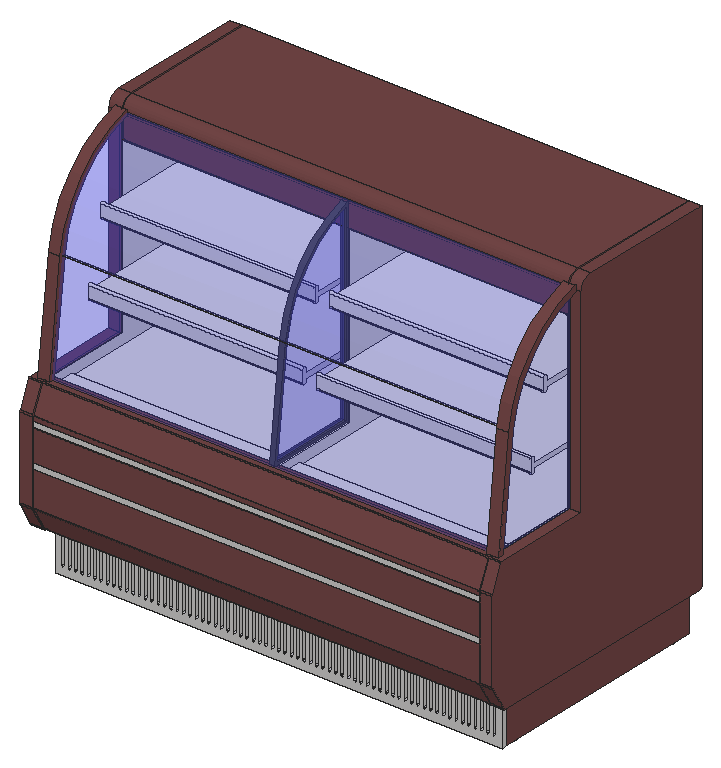
Revit family "QF_Turbo Air_TCGB-60-CO", category Specialty Equipment, Revit 2014
Parameters
  Weight in Pounds = 629
  Watermarked By = ""
  Volts = 115 V
  Vent Material = QF_Stainless-Polished
  URL Cutsheet = ""
  URL = "www.turboairinc.com"
  Status [instance] = ""
  Specification by User [instance] = ""
  Specification by Manufacturer [instance] = ""
  Serial Number [instance] = ""
  Revision Code [instance] = ""
  Phase = 1
  Number of Poles [instance] = 1
  NAFEM Spec ID Number [instance] = ""
  Model = "TCGB-60-CO"
  Masterspec [instance] = ""
  Manufacturer = "Turbo Air"  # constant formula
  Item Number [instance] = "-"
  Installed By [instance] = ""
  HP = "1/3"
  Furnished By [instance] = ""
  Foodservice Equipment Identifier = yes
  FL Amps = 6.5 A
  Exterior Material = QF_Plastic-Red Wine
  Electrical Remarks [instance] = ""
  Electric Connection Type [instance] = ""
  Elec Conn RI Height [instance] = 0' - 0"
  Elec Conn Connection Height = 0' - 6"
  Description = "Bakery Case"
  Cycle = 60 Hz
  Conn Plug = "NEMA 5-15P"
  CSI MasterFormat = "11 41 13"
  Assembly Code = "E1090320"
  Apparent Power = if(Phase = 3, Volts * FL Amps * 1.73, Volts * FL Amps)  # 747.5 VA
Reference planes (in)
  plane 1 "Handle Back": y = 0
  plane 2: z = 0
  plane 3 "LEFT": x = -16.56573
  plane 4 "RIGHT": x = 43.93427
  plane 5 "FRONT": y = -34.25
  plane 6 "Bottom": z = 0.3125
  plane 7 "Inside Left": x = -14.94073
  plane 8 "Inside Right": x = 42.30927
  plane 9 "BACK": y = -0.75
  plane 10 "Panel Lower": z = 23.25
  plane 11 "Inside Bottom": z = 21.125
  plane 12 "Panel Bottom": z = 6.0625
  plane 13 "TOP": z = 50.125
  plane 14 "Bottom Front": y = -30
  plane 15 "Door Left": x = -13.62823
  plane 16 "Door Right": x = 40.99677
  plane 17 "Lower Shelf": z = 30.6875
  plane 18 "Upper Shelf": z = 39.1875
  plane 19 "Door Top": z = 46.5625
  plane 20 "Door Bottom": z = 22.3125
  plane 21 "CENTER LR": x = 13.68427
  plane 22: x = 13.05927
  plane 23: x = 14.30927
Forms (in)
  Extrusion 1, solid, material "QF_Plastic-Red Wine" <- "Exterior Material"
    sketch origin (-16.56573, 0, 0) x (0, 1, 0) y (0, 0, 1)
      loop
        arc (-1.125, 6.0625) -> (-0.85983, 6.17233) -> (-0.75, 6.4375) r 0.375
        line (-0.75, 6.4375) -> (-0.75, 50.125) -> (-18.5, 50.125)
        arc (-18.5, 50.125) -> (-19.56066, 49.68566) -> (-20, 48.625) r 1.5
        line (-20, 48.625) -> (-20, 23.25) -> (-32.77179, 23.25)
        arc (-32.77179, 23.25) -> (-32.8059, 23.23987) -> (-32.82896, 23.21277) r 0.0625
        line (-32.82896, 23.21277) -> (-34.21799, 20.07001)
        arc (-34.21799, 20.07001) -> (-34.24191, 19.99589) -> (-34.25, 19.91842) r 0.375
        line (-34.25, 19.91842) -> (-34.25, 9.41058)
        arc (-34.25, 9.41058) -> (-34.23722, 9.31352) -> (-34.19976, 9.22308) r 0.375
        line (-34.19976, 9.22308) -> (-32.48325, 6.25)
        arc (-32.48325, 6.25) -> (-32.34599, 6.11274) -> (-32.15849, 6.0625) r 0.375
        line (-32.15849, 6.0625) -> (-1.125, 6.0625)
    from 0 to 1.625
  Extrusion 2, solid, material "QF_Plastic-Red Wine" <- "Exterior Material"
    sketch origin (43.93427, 0, 0) x (0, 1, 0) y (0, 0, 1)
      loop
        arc (-1.125, 6.0625) -> (-0.85983, 6.17233) -> (-0.75, 6.4375) r 0.375
        line (-0.75, 6.4375) -> (-0.75, 50.125) -> (-18.5, 50.125)
        arc (-18.5, 50.125) -> (-19.56066, 49.68566) -> (-20, 48.625) r 1.5
        line (-20, 48.625) -> (-20, 23.25) -> (-32.77179, 23.25)
        arc (-32.77179, 23.25) -> (-32.8059, 23.23987) -> (-32.82896, 23.21277) r 0.0625
        line (-32.82896, 23.21277) -> (-34.21799, 20.07001)
        arc (-34.21799, 20.07001) -> (-34.24191, 19.99589) -> (-34.25, 19.91842) r 0.375
        line (-34.25, 19.91842) -> (-34.25, 9.41058)
        arc (-34.25, 9.41058) -> (-34.23722, 9.31352) -> (-34.19976, 9.22308) r 0.375
        line (-34.19976, 9.22308) -> (-32.48325, 6.25)
        arc (-32.48325, 6.25) -> (-32.34599, 6.11274) -> (-32.15849, 6.0625) r 0.375
        line (-32.15849, 6.0625) -> (-1.125, 6.0625)
    from 0 to -1.625
  Extrusion 3, solid, material "QF_Plastic-Red Wine" <- "Exterior Material"
    sketch origin (-14.94073, 0, 0) x (0, 1, 0) y (0, 0, 1)
      loop
        line (-31.625, 23.25) -> (-29.95691, 36.83548)
        arc (-29.95691, 36.83548) -> (-26.72363, 44.11107) -> (-20, 48.375) r 13.75
        line (-20, 48.375) -> (-20, 48.625)
        arc (-20, 48.625) -> (-19.97988, 48.86988) -> (-19.92004, 49.10819) r 1.5
        arc (-19.92004, 49.10819) -> (-27.15455, 44.66306) -> (-30.63919, 36.92003) r 14.4375
        line (-30.63919, 36.92003) -> (-32.31766, 23.25) -> (-31.625, 23.25)
    from -0.875 to 0.625
  Extrusion 4, solid, material "QF_Plastic-Red Wine" <- "Exterior Material"
    sketch origin (42.30927, 0, 0) x (0, 1, 0) y (0, 0, 1)
      loop
        line (-31.625, 23.25) -> (-29.95691, 36.83548)
        arc (-29.95691, 36.83548) -> (-26.72363, 44.11107) -> (-20, 48.375) r 13.75
        line (-20, 48.375) -> (-20, 48.625)
        arc (-20, 48.625) -> (-19.97988, 48.86988) -> (-19.92004, 49.10819) r 1.5
        arc (-19.92004, 49.10819) -> (-27.15455, 44.66306) -> (-30.63919, 36.92003) r 14.4375
        line (-30.63919, 36.92003) -> (-32.31766, 23.25) -> (-31.625, 23.25)
    from 0.875 to -0.625
  Extrusion 5, solid, material "QF_Glass-Cast-Clear"
    sketch origin (-14.94073, 0, 0) x (0, 1, 0) y (0, 0, 1)
      loop
        arc (-20, 48.375) -> (-26.72363, 44.11107) -> (-29.95691, 36.83548) r 13.75
        line (-29.95691, 36.83548) -> (-31.625, 23.25) -> (-20, 23.25) -> (-20, 48.375)
    from 0 to -0.25
  Extrusion 6, solid, material "QF_Glass-Cast-Clear"
    sketch origin (42.30927, 0, 0) x (0, 1, 0) y (0, 0, 1)
      loop
        arc (-20, 48.375) -> (-26.72363, 44.11107) -> (-29.95691, 36.83548) r 13.75
        line (-29.95691, 36.83548) -> (-31.625, 23.25) -> (-20, 23.25) -> (-20, 48.375)
    from 0 to 0.25
  Extrusion 7, solid, material "QF_Plastic-Red Wine" <- "Exterior Material"
    sketch origin (-14.94073, 0, 0) x (0, 1, 0) y (0, 0, 1)
      loop
        line (-0.75, 50.125) -> (-18.5, 50.125)
        arc (-18.5, 50.125) -> (-19.56066, 49.68566) -> (-20, 48.625) r 1.5
        line (-20, 48.625) -> (-20, 45.5)
        arc (-20, 45.5) -> (-19.9375, 45.4375) -> (-19.875, 45.5) r 0.0625
        line (-19.875, 45.5) -> (-19.875, 48.625)
        arc (-19.875, 48.625) -> (-19.81819, 49.01616) -> (-19.65244, 49.375) r 1.375
        line (-19.65244, 49.375) -> (-3.125, 49.375) -> (-3.125, 46.5625) -> (-0.75, 46.5625) -> (-0.75, 50.125)
      loop
        line (-0.75, 14.3125) -> (-0.75, 22.3125) -> (-3.125, 22.3125) -> (-3.125, 14.3125) -> (-0.75, 14.3125)
    from 0 to 57.25
  Extrusion 8, solid, material "QF_Plastic-Red Wine" <- "Exterior Material"
    sketch origin (0, 0, 0.3125) x (0, 1, 0) y (-1, 0, 0)
      loop
        line (-0.75, 14.94073) -> (-30, 14.94073) -> (-30, -42.30927) -> (-0.75, -42.30927) -> (-0.75, 14.94073)
      loop
        line (-29.75, 14.69073) -> (-29.75, -42.05927) -> (-1, -42.05927) -> (-1, 14.69073) -> (-29.75, 14.69073)
    from 0 to 14
  Extrusion 9, solid, material "QF_Plastic-Red Wine" <- "Exterior Material"
    sketch origin (0, 0, 0.3125) x (0, 1, 0) y (-1, 0, 0)
      loop
        line (-29.75, -42.05927) -> (-1, -42.05927) -> (-1, 14.69073) -> (-29.75, 14.69073) -> (-29.75, -42.05927)
    from 0 to 0.25
  Extrusion 10, solid, material "QF_Stainless-Polished" <- "Vent Material"
    sketch origin (0, -30, 0) x (1, 0, 0) y (0, 0, 1)
      loop
        line (-14.94073, 6.1875) -> (-14.94073, 0.3125) -> (42.30927, 0.3125) -> (42.30927, 6.1875) -> (-14.94073, 6.1875)
    from 0 to 0.5625
  Extrusion 11, void
    sketch origin (0, -30, 0) x (1, 0, 0) y (0, 0, 1)
      loop
        arc (13.49677, 1.5625) -> (13.68427, 1.375) -> (13.87177, 1.5625) r 0.1875
        line (13.87177, 1.5625) -> (13.87177, 5.125)
        arc (13.87177, 5.125) -> (13.68427, 5.3125) -> (13.49677, 5.125) r 0.1875
        line (13.49677, 5.125) -> (13.49677, 1.5625)
      loop
        line (28.49677, 1.5625) -> (28.49677, 5.125)
        arc (28.49677, 5.125) -> (28.30927, 5.3125) -> (28.12177, 5.125) r 0.1875
        line (28.12177, 5.125) -> (28.12177, 1.5625)
        arc (28.12177, 1.5625) -> (28.30927, 1.375) -> (28.49677, 1.5625) r 0.1875
      loop
        line (27.68427, 1.5625) -> (27.68427, 5.125)
        arc (27.68427, 5.125) -> (27.49677, 5.3125) -> (27.30927, 5.125) r 0.1875
        line (27.30927, 5.125) -> (27.30927, 1.5625)
        arc (27.30927, 1.5625) -> (27.49677, 1.375) -> (27.68427, 1.5625) r 0.1875
      loop
        line (26.87177, 1.5625) -> (26.87177, 5.125)
        arc (26.87177, 5.125) -> (26.68427, 5.3125) -> (26.49677, 5.125) r 0.1875
        line (26.49677, 5.125) -> (26.49677, 1.5625)
        arc (26.49677, 1.5625) -> (26.68427, 1.375) -> (26.87177, 1.5625) r 0.1875
      loop
        line (26.05927, 1.5625) -> (26.05927, 5.125)
        arc (26.05927, 5.125) -> (25.87177, 5.3125) -> (25.68427, 5.125) r 0.1875
        line (25.68427, 5.125) -> (25.68427, 1.5625)
        arc (25.68427, 1.5625) -> (25.87177, 1.375) -> (26.05927, 1.5625) r 0.1875
      loop
        line (25.24677, 1.5625) -> (25.24677, 5.125)
        arc (25.24677, 5.125) -> (25.05927, 5.3125) -> (24.87177, 5.125) r 0.1875
        line (24.87177, 5.125) -> (24.87177, 1.5625)
        arc (24.87177, 1.5625) -> (25.05927, 1.375) -> (25.24677, 1.5625) r 0.1875
      loop
        line (24.43427, 1.5625) -> (24.43427, 5.125)
        arc (24.43427, 5.125) -> (24.24677, 5.3125) -> (24.05927, 5.125) r 0.1875
        line (24.05927, 5.125) -> (24.05927, 1.5625)
        arc (24.05927, 1.5625) -> (24.24677, 1.375) -> (24.43427, 1.5625) r 0.1875
      loop
        line (23.62177, 1.5625) -> (23.62177, 5.125)
        arc (23.62177, 5.125) -> (23.43427, 5.3125) -> (23.24677, 5.125) r 0.1875
        line (23.24677, 5.125) -> (23.24677, 1.5625)
        arc (23.24677, 1.5625) -> (23.43427, 1.375) -> (23.62177, 1.5625) r 0.1875
      loop
        line (22.80927, 1.5625) -> (22.80927, 5.125)
        arc (22.80927, 5.125) -> (22.62177, 5.3125) -> (22.43427, 5.125) r 0.1875
        line (22.43427, 5.125) -> (22.43427, 1.5625)
        arc (22.43427, 1.5625) -> (22.62177, 1.375) -> (22.80927, 1.5625) r 0.1875
      loop
        line (21.99677, 1.5625) -> (21.99677, 5.125)
        arc (21.99677, 5.125) -> (21.80927, 5.3125) -> (21.62177, 5.125) r 0.1875
        line (21.62177, 5.125) -> (21.62177, 1.5625)
        arc (21.62177, 1.5625) -> (21.80927, 1.375) -> (21.99677, 1.5625) r 0.1875
      loop
        line (21.18427, 1.5625) -> (21.18427, 5.125)
        arc (21.18427, 5.125) -> (20.99677, 5.3125) -> (20.80927, 5.125) r 0.1875
        line (20.80927, 5.125) -> (20.80927, 1.5625)
        arc (20.80927, 1.5625) -> (20.99677, 1.375) -> (21.18427, 1.5625) r 0.1875
      loop
        line (20.37177, 1.5625) -> (20.37177, 5.125)
        arc (20.37177, 5.125) -> (20.18427, 5.3125) -> (19.99677, 5.125) r 0.1875
        line (19.99677, 5.125) -> (19.99677, 1.5625)
        arc (19.99677, 1.5625) -> (20.18427, 1.375) -> (20.37177, 1.5625) r 0.1875
      loop
        line (19.55927, 1.5625) -> (19.55927, 5.125)
        arc (19.55927, 5.125) -> (19.37177, 5.3125) -> (19.18427, 5.125) r 0.1875
        line (19.18427, 5.125) -> (19.18427, 1.5625)
        arc (19.18427, 1.5625) -> (19.37177, 1.375) -> (19.55927, 1.5625) r 0.1875
      loop
        line (18.74677, 1.5625) -> (18.74677, 5.125)
        arc (18.74677, 5.125) -> (18.55927, 5.3125) -> (18.37177, 5.125) r 0.1875
        line (18.37177, 5.125) -> (18.37177, 1.5625)
        arc (18.37177, 1.5625) -> (18.55927, 1.375) -> (18.74677, 1.5625) r 0.1875
      loop
        line (17.93427, 1.5625) -> (17.93427, 5.125)
        arc (17.93427, 5.125) -> (17.74677, 5.3125) -> (17.55927, 5.125) r 0.1875
        line (17.55927, 5.125) -> (17.55927, 1.5625)
        arc (17.55927, 1.5625) -> (17.74677, 1.375) -> (17.93427, 1.5625) r 0.1875
      loop
        line (17.12177, 1.5625) -> (17.12177, 5.125)
        arc (17.12177, 5.125) -> (16.93427, 5.3125) -> (16.74677, 5.125) r 0.1875
        line (16.74677, 5.125) -> (16.74677, 1.5625)
        arc (16.74677, 1.5625) -> (16.93427, 1.375) -> (17.12177, 1.5625) r 0.1875
      loop
        line (16.30927, 1.5625) -> (16.30927, 5.125)
        arc (16.30927, 5.125) -> (16.12177, 5.3125) -> (15.93427, 5.125) r 0.1875
        line (15.93427, 5.125) -> (15.93427, 1.5625)
        arc (15.93427, 1.5625) -> (16.12177, 1.375) -> (16.30927, 1.5625) r 0.1875
      loop
        line (15.49677, 1.5625) -> (15.49677, 5.125)
        arc (15.49677, 5.125) -> (15.30927, 5.3125) -> (15.12177, 5.125) r 0.1875
        line (15.12177, 5.125) -> (15.12177, 1.5625)
        arc (15.12177, 1.5625) -> (15.30927, 1.375) -> (15.49677, 1.5625) r 0.1875
      loop
        line (14.68427, 1.5625) -> (14.68427, 5.125)
        arc (14.68427, 5.125) -> (14.49677, 5.3125) -> (14.30927, 5.125) r 0.1875
        line (14.30927, 5.125) -> (14.30927, 1.5625)
        arc (14.30927, 1.5625) -> (14.49677, 1.375) -> (14.68427, 1.5625) r 0.1875
      loop
        line (34.18427, 1.5625) -> (34.18427, 5.125)
        arc (34.18427, 5.125) -> (33.99677, 5.3125) -> (33.80927, 5.125) r 0.1875
        line (33.80927, 5.125) -> (33.80927, 1.5625)
        arc (33.80927, 1.5625) -> (33.99677, 1.375) -> (34.18427, 1.5625) r 0.1875
      loop
        line (33.37177, 1.5625) -> (33.37177, 5.125)
        arc (33.37177, 5.125) -> (33.18427, 5.3125) -> (32.99677, 5.125) r 0.1875
        line (32.99677, 5.125) -> (32.99677, 1.5625)
        arc (32.99677, 1.5625) -> (33.18427, 1.375) -> (33.37177, 1.5625) r 0.1875
      loop
        line (32.55927, 1.5625) -> (32.55927, 5.125)
        arc (32.55927, 5.125) -> (32.37177, 5.3125) -> (32.18427, 5.125) r 0.1875
        line (32.18427, 5.125) -> (32.18427, 1.5625)
        arc (32.18427, 1.5625) -> (32.37177, 1.375) -> (32.55927, 1.5625) r 0.1875
      loop
        line (31.74677, 1.5625) -> (31.74677, 5.125)
        arc (31.74677, 5.125) -> (31.55927, 5.3125) -> (31.37177, 5.125) r 0.1875
        line (31.37177, 5.125) -> (31.37177, 1.5625)
        arc (31.37177, 1.5625) -> (31.55927, 1.375) -> (31.74677, 1.5625) r 0.1875
      loop
        line (30.93427, 1.5625) -> (30.93427, 5.125)
        arc (30.93427, 5.125) -> (30.74677, 5.3125) -> (30.55927, 5.125) r 0.1875
        line (30.55927, 5.125) -> (30.55927, 1.5625)
        arc (30.55927, 1.5625) -> (30.74677, 1.375) -> (30.93427, 1.5625) r 0.1875
      loop
        line (30.12177, 1.5625) -> (30.12177, 5.125)
        arc (30.12177, 5.125) -> (29.93427, 5.3125) -> (29.74677, 5.125) r 0.1875
        line (29.74677, 5.125) -> (29.74677, 1.5625)
        arc (29.74677, 1.5625) -> (29.93427, 1.375) -> (30.12177, 1.5625) r 0.1875
      loop
        line (29.30927, 1.5625) -> (29.30927, 5.125)
        arc (29.30927, 5.125) -> (29.12177, 5.3125) -> (28.93427, 5.125) r 0.1875
        line (28.93427, 5.125) -> (28.93427, 1.5625)
        arc (28.93427, 1.5625) -> (29.12177, 1.375) -> (29.30927, 1.5625) r 0.1875
      loop
        line (35.80927, 1.5625) -> (35.80927, 5.125)
        arc (35.80927, 5.125) -> (35.62177, 5.3125) -> (35.43427, 5.125) r 0.1875
        line (35.43427, 5.125) -> (35.43427, 1.5625)
        arc (35.43427, 1.5625) -> (35.62177, 1.375) -> (35.80927, 1.5625) r 0.1875
      loop
        line (34.99677, 1.5625) -> (34.99677, 5.125)
        arc (34.99677, 5.125) -> (34.80927, 5.3125) -> (34.62177, 5.125) r 0.1875
        line (34.62177, 5.125) -> (34.62177, 1.5625)
        arc (34.62177, 1.5625) -> (34.80927, 1.375) -> (34.99677, 1.5625) r 0.1875
      loop
        line (41.49677, 1.5625) -> (41.49677, 5.125)
        arc (41.49677, 5.125) -> (41.30927, 5.3125) -> (41.12177, 5.125) r 0.1875
        line (41.12177, 5.125) -> (41.12177, 1.5625)
        arc (41.12177, 1.5625) -> (41.30927, 1.375) -> (41.49677, 1.5625) r 0.1875
      loop
        line (40.68427, 1.5625) -> (40.68427, 5.125)
        arc (40.68427, 5.125) -> (40.49677, 5.3125) -> (40.30927, 5.125) r 0.1875
        line (40.30927, 5.125) -> (40.30927, 1.5625)
        arc (40.30927, 1.5625) -> (40.49677, 1.375) -> (40.68427, 1.5625) r 0.1875
      loop
        line (39.87177, 1.5625) -> (39.87177, 5.125)
        arc (39.87177, 5.125) -> (39.68427, 5.3125) -> (39.49677, 5.125) r 0.1875
        line (39.49677, 5.125) -> (39.49677, 1.5625)
        arc (39.49677, 1.5625) -> (39.68427, 1.375) -> (39.87177, 1.5625) r 0.1875
      loop
        line (39.05927, 1.5625) -> (39.05927, 5.125)
        arc (39.05927, 5.125) -> (38.87177, 5.3125) -> (38.68427, 5.125) r 0.1875
        line (38.68427, 5.125) -> (38.68427, 1.5625)
        arc (38.68427, 1.5625) -> (38.87177, 1.375) -> (39.05927, 1.5625) r 0.1875
      loop
        line (38.24677, 1.5625) -> (38.24677, 5.125)
        arc (38.24677, 5.125) -> (38.05927, 5.3125) -> (37.87177, 5.125) r 0.1875
        line (37.87177, 5.125) -> (37.87177, 1.5625)
        arc (37.87177, 1.5625) -> (38.05927, 1.375) -> (38.24677, 1.5625) r 0.1875
      loop
        line (37.43427, 1.5625) -> (37.43427, 5.125)
        arc (37.43427, 5.125) -> (37.24677, 5.3125) -> (37.05927, 5.125) r 0.1875
        line (37.05927, 5.125) -> (37.05927, 1.5625)
        arc (37.05927, 1.5625) -> (37.24677, 1.375) -> (37.43427, 1.5625) r 0.1875
      loop
        line (36.62177, 1.5625) -> (36.62177, 5.125)
        arc (36.62177, 5.125) -> (36.43427, 5.3125) -> (36.24677, 5.125) r 0.1875
        line (36.24677, 5.125) -> (36.24677, 1.5625)
        arc (36.24677, 1.5625) -> (36.43427, 1.375) -> (36.62177, 1.5625) r 0.1875
      loop
        arc (-1.12823, 1.5625) -> (-0.94073, 1.375) -> (-0.75323, 1.5625) r 0.1875
        line (-0.75323, 1.5625) -> (-0.75323, 5.125)
        arc (-0.75323, 5.125) -> (-0.94073, 5.3125) -> (-1.12823, 5.125) r 0.1875
        line (-1.12823, 5.125) -> (-1.12823, 1.5625)
      loop
        arc (-0.31573, 1.5625) -> (-0.12823, 1.375) -> (0.05927, 1.5625) r 0.1875
        line (0.05927, 1.5625) -> (0.05927, 5.125)
        arc (0.05927, 5.125) -> (-0.12823, 5.3125) -> (-0.31573, 5.125) r 0.1875
        line (-0.31573, 5.125) -> (-0.31573, 1.5625)
      loop
        arc (0.49677, 1.5625) -> (0.68427, 1.375) -> (0.87177, 1.5625) r 0.1875
        line (0.87177, 1.5625) -> (0.87177, 5.125)
        arc (0.87177, 5.125) -> (0.68427, 5.3125) -> (0.49677, 5.125) r 0.1875
        line (0.49677, 5.125) -> (0.49677, 1.5625)
      loop
        arc (1.30927, 1.5625) -> (1.49677, 1.375) -> (1.68427, 1.5625) r 0.1875
        line (1.68427, 1.5625) -> (1.68427, 5.125)
        arc (1.68427, 5.125) -> (1.49677, 5.3125) -> (1.30927, 5.125) r 0.1875
        line (1.30927, 5.125) -> (1.30927, 1.5625)
      loop
        arc (2.12177, 1.5625) -> (2.30927, 1.375) -> (2.49677, 1.5625) r 0.1875
        line (2.49677, 1.5625) -> (2.49677, 5.125)
        arc (2.49677, 5.125) -> (2.30927, 5.3125) -> (2.12177, 5.125) r 0.1875
        line (2.12177, 5.125) -> (2.12177, 1.5625)
      loop
        arc (2.93427, 1.5625) -> (3.12177, 1.375) -> (3.30927, 1.5625) r 0.1875
        line (3.30927, 1.5625) -> (3.30927, 5.125)
        arc (3.30927, 5.125) -> (3.12177, 5.3125) -> (2.93427, 5.125) r 0.1875
        line (2.93427, 5.125) -> (2.93427, 1.5625)
      loop
        arc (3.74677, 1.5625) -> (3.93427, 1.375) -> (4.12177, 1.5625) r 0.1875
        line (4.12177, 1.5625) -> (4.12177, 5.125)
        arc (4.12177, 5.125) -> (3.93427, 5.3125) -> (3.74677, 5.125) r 0.1875
        line (3.74677, 5.125) -> (3.74677, 1.5625)
      loop
        arc (4.55927, 1.5625) -> (4.74677, 1.375) -> (4.93427, 1.5625) r 0.1875
        line (4.93427, 1.5625) -> (4.93427, 5.125)
        arc (4.93427, 5.125) -> (4.74677, 5.3125) -> (4.55927, 5.125) r 0.1875
        line (4.55927, 5.125) -> (4.55927, 1.5625)
      loop
        arc (5.37177, 1.5625) -> (5.55927, 1.375) -> (5.74677, 1.5625) r 0.1875
        line (5.74677, 1.5625) -> (5.74677, 5.125)
        arc (5.74677, 5.125) -> (5.55927, 5.3125) -> (5.37177, 5.125) r 0.1875
        line (5.37177, 5.125) -> (5.37177, 1.5625)
      loop
        arc (6.18427, 1.5625) -> (6.37177, 1.375) -> (6.55927, 1.5625) r 0.1875
        line (6.55927, 1.5625) -> (6.55927, 5.125)
        arc (6.55927, 5.125) -> (6.37177, 5.3125) -> (6.18427, 5.125) r 0.1875
        line (6.18427, 5.125) -> (6.18427, 1.5625)
      loop
        arc (6.99677, 1.5625) -> (7.18427, 1.375) -> (7.37177, 1.5625) r 0.1875
        line (7.37177, 1.5625) -> (7.37177, 5.125)
        arc (7.37177, 5.125) -> (7.18427, 5.3125) -> (6.99677, 5.125) r 0.1875
        line (6.99677, 5.125) -> (6.99677, 1.5625)
      loop
        arc (7.80927, 1.5625) -> (7.99677, 1.375) -> (8.18427, 1.5625) r 0.1875
        line (8.18427, 1.5625) -> (8.18427, 5.125)
        arc (8.18427, 5.125) -> (7.99677, 5.3125) -> (7.80927, 5.125) r 0.1875
        line (7.80927, 5.125) -> (7.80927, 1.5625)
      loop
        arc (8.62177, 1.5625) -> (8.80927, 1.375) -> (8.99677, 1.5625) r 0.1875
        line (8.99677, 1.5625) -> (8.99677, 5.125)
        arc (8.99677, 5.125) -> (8.80927, 5.3125) -> (8.62177, 5.125) r 0.1875
        line (8.62177, 5.125) -> (8.62177, 1.5625)
      loop
        arc (9.43427, 1.5625) -> (9.62177, 1.375) -> (9.80927, 1.5625) r 0.1875
        line (9.80927, 1.5625) -> (9.80927, 5.125)
        arc (9.80927, 5.125) -> (9.62177, 5.3125) -> (9.43427, 5.125) r 0.1875
        line (9.43427, 5.125) -> (9.43427, 1.5625)
      loop
        arc (10.24677, 1.5625) -> (10.43427, 1.375) -> (10.62177, 1.5625) r 0.1875
        line (10.62177, 1.5625) -> (10.62177, 5.125)
        arc (10.62177, 5.125) -> (10.43427, 5.3125) -> (10.24677, 5.125) r 0.1875
        line (10.24677, 5.125) -> (10.24677, 1.5625)
      loop
        arc (11.05927, 1.5625) -> (11.24677, 1.375) -> (11.43427, 1.5625) r 0.1875
        line (11.43427, 1.5625) -> (11.43427, 5.125)
        arc (11.43427, 5.125) -> (11.24677, 5.3125) -> (11.05927, 5.125) r 0.1875
        line (11.05927, 5.125) -> (11.05927, 1.5625)
      loop
        arc (11.87177, 1.5625) -> (12.05927, 1.375) -> (12.24677, 1.5625) r 0.1875
        line (12.24677, 1.5625) -> (12.24677, 5.125)
        arc (12.24677, 5.125) -> (12.05927, 5.3125) -> (11.87177, 5.125) r 0.1875
        line (11.87177, 5.125) -> (11.87177, 1.5625)
      loop
        arc (12.68427, 1.5625) -> (12.87177, 1.375) -> (13.05927, 1.5625) r 0.1875
        line (13.05927, 1.5625) -> (13.05927, 5.125)
        arc (13.05927, 5.125) -> (12.87177, 5.3125) -> (12.68427, 5.125) r 0.1875
        line (12.68427, 5.125) -> (12.68427, 1.5625)
      loop
        arc (-6.81573, 1.5625) -> (-6.62823, 1.375) -> (-6.44073, 1.5625) r 0.1875
        line (-6.44073, 1.5625) -> (-6.44073, 5.125)
        arc (-6.44073, 5.125) -> (-6.62823, 5.3125) -> (-6.81573, 5.125) r 0.1875
        line (-6.81573, 5.125) -> (-6.81573, 1.5625)
      loop
        arc (-6.00323, 1.5625) -> (-5.81573, 1.375) -> (-5.62823, 1.5625) r 0.1875
        line (-5.62823, 1.5625) -> (-5.62823, 5.125)
        arc (-5.62823, 5.125) -> (-5.81573, 5.3125) -> (-6.00323, 5.125) r 0.1875
        line (-6.00323, 5.125) -> (-6.00323, 1.5625)
      loop
        arc (-5.19073, 1.5625) -> (-5.00323, 1.375) -> (-4.81573, 1.5625) r 0.1875
        line (-4.81573, 1.5625) -> (-4.81573, 5.125)
        arc (-4.81573, 5.125) -> (-5.00323, 5.3125) -> (-5.19073, 5.125) r 0.1875
        line (-5.19073, 5.125) -> (-5.19073, 1.5625)
      loop
        arc (-4.37823, 1.5625) -> (-4.19073, 1.375) -> (-4.00323, 1.5625) r 0.1875
        line (-4.00323, 1.5625) -> (-4.00323, 5.125)
        arc (-4.00323, 5.125) -> (-4.19073, 5.3125) -> (-4.37823, 5.125) r 0.1875
        line (-4.37823, 5.125) -> (-4.37823, 1.5625)
      loop
        arc (-3.56573, 1.5625) -> (-3.37823, 1.375) -> (-3.19073, 1.5625) r 0.1875
        line (-3.19073, 1.5625) -> (-3.19073, 5.125)
        arc (-3.19073, 5.125) -> (-3.37823, 5.3125) -> (-3.56573, 5.125) r 0.1875
        line (-3.56573, 5.125) -> (-3.56573, 1.5625)
      loop
        arc (-2.75323, 1.5625) -> (-2.56573, 1.375) -> (-2.37823, 1.5625) r 0.1875
        line (-2.37823, 1.5625) -> (-2.37823, 5.125)
        arc (-2.37823, 5.125) -> (-2.56573, 5.3125) -> (-2.75323, 5.125) r 0.1875
        line (-2.75323, 5.125) -> (-2.75323, 1.5625)
      loop
        arc (-1.94073, 1.5625) -> (-1.75323, 1.375) -> (-1.56573, 1.5625) r 0.1875
        line (-1.56573, 1.5625) -> (-1.56573, 5.125)
        arc (-1.56573, 5.125) -> (-1.75323, 5.3125) -> (-1.94073, 5.125) r 0.1875
        line (-1.94073, 5.125) -> (-1.94073, 1.5625)
      loop
        arc (-8.44073, 1.5625) -> (-8.25323, 1.375) -> (-8.06573, 1.5625) r 0.1875
        line (-8.06573, 1.5625) -> (-8.06573, 5.125)
        arc (-8.06573, 5.125) -> (-8.25323, 5.3125) -> (-8.44073, 5.125) r 0.1875
        line (-8.44073, 5.125) -> (-8.44073, 1.5625)
      loop
        arc (-7.62823, 1.5625) -> (-7.44073, 1.375) -> (-7.25323, 1.5625) r 0.1875
        line (-7.25323, 1.5625) -> (-7.25323, 5.125)
        arc (-7.25323, 5.125) -> (-7.44073, 5.3125) -> (-7.62823, 5.125) r 0.1875
        line (-7.62823, 5.125) -> (-7.62823, 1.5625)
      loop
        arc (-14.12823, 1.5625) -> (-13.94073, 1.375) -> (-13.75323, 1.5625) r 0.1875
        line (-13.75323, 1.5625) -> (-13.75323, 5.125)
        arc (-13.75323, 5.125) -> (-13.94073, 5.3125) -> (-14.12823, 5.125) r 0.1875
        line (-14.12823, 5.125) -> (-14.12823, 1.5625)
      loop
        arc (-13.31573, 1.5625) -> (-13.12823, 1.375) -> (-12.94073, 1.5625) r 0.1875
        line (-12.94073, 1.5625) -> (-12.94073, 5.125)
        arc (-12.94073, 5.125) -> (-13.12823, 5.3125) -> (-13.31573, 5.125) r 0.1875
        line (-13.31573, 5.125) -> (-13.31573, 1.5625)
      loop
        arc (-12.50323, 1.5625) -> (-12.31573, 1.375) -> (-12.12823, 1.5625) r 0.1875
        line (-12.12823, 1.5625) -> (-12.12823, 5.125)
        arc (-12.12823, 5.125) -> (-12.31573, 5.3125) -> (-12.50323, 5.125) r 0.1875
        line (-12.50323, 5.125) -> (-12.50323, 1.5625)
      loop
        arc (-11.69073, 1.5625) -> (-11.50323, 1.375) -> (-11.31573, 1.5625) r 0.1875
        line (-11.31573, 1.5625) -> (-11.31573, 5.125)
        arc (-11.31573, 5.125) -> (-11.50323, 5.3125) -> (-11.69073, 5.125) r 0.1875
        line (-11.69073, 5.125) -> (-11.69073, 1.5625)
      loop
        arc (-10.87823, 1.5625) -> (-10.69073, 1.375) -> (-10.50323, 1.5625) r 0.1875
        line (-10.50323, 1.5625) -> (-10.50323, 5.125)
        arc (-10.50323, 5.125) -> (-10.69073, 5.3125) -> (-10.87823, 5.125) r 0.1875
        line (-10.87823, 5.125) -> (-10.87823, 1.5625)
      loop
        arc (-10.06573, 1.5625) -> (-9.87823, 1.375) -> (-9.69073, 1.5625) r 0.1875
        line (-9.69073, 1.5625) -> (-9.69073, 5.125)
        arc (-9.69073, 5.125) -> (-9.87823, 5.3125) -> (-10.06573, 5.125) r 0.1875
        line (-10.06573, 5.125) -> (-10.06573, 1.5625)
      loop
        arc (-9.25323, 1.5625) -> (-9.06573, 1.375) -> (-8.87823, 1.5625) r 0.1875
        line (-8.87823, 1.5625) -> (-8.87823, 5.125)
        arc (-8.87823, 5.125) -> (-9.06573, 5.3125) -> (-9.25323, 5.125) r 0.1875
        line (-9.25323, 5.125) -> (-9.25323, 1.5625)
    from -0.25 to 0.5625
  Extrusion 12, solid, material "QF_Plastic-Red Wine" <- "Exterior Material"
    sketch origin (-14.94073, 0, 0) x (0, 1, 0) y (0, 0, 1)
      loop
        line (-0.75, 46.5625) -> (-3.125, 46.5625) -> (-3.125, 22.3125) -> (-0.75, 22.3125) -> (-0.75, 46.5625)
    from 0 to 1.3125
  Extrusion 13, solid, material "QF_Plastic-Red Wine" <- "Exterior Material"
    sketch origin (42.30927, 0, 0) x (0, 1, 0) y (0, 0, 1)
      loop
        line (-0.75, 46.5625) -> (-3.125, 46.5625) -> (-3.125, 22.3125) -> (-0.75, 22.3125) -> (-0.75, 46.5625)
    from 0 to -1.3125
  Extrusion 14, solid, material "QF_Glass-Cast-Clear"
    sketch origin (-14.94073, 0, 0) x (0, 1, 0) y (0, 0, 1)
      loop
        arc (-30.01894, 36.84316) -> (-26.76529, 44.15845) -> (-20, 48.43986) r 13.8125
        line (-20, 48.43986) -> (-20, 48.625)
        arc (-20, 48.625) -> (-19.99639, 48.72898) -> (-19.98558, 48.83246) r 1.5
        arc (-19.98558, 48.83246) -> (-27.01031, 44.44827) -> (-30.39109, 36.88929) r 14.1875
        line (-30.39109, 36.88929) -> (-32.06579, 23.25) -> (-31.68797, 23.25) -> (-30.01894, 36.84316)
    from 0.625 to 56.625
  Extrusion 15, solid, material "QF_Plastic-Red Wine" <- "Exterior Material"
    sketch origin (-14.94073, 0, 0) x (0, 1, 0) y (0, 0, 1)
      loop
        line (-32.77708, 23.17553) -> (-34.17683, 20.00854)
        arc (-34.17683, 20.00854) -> (-34.1848, 19.98383) -> (-34.1875, 19.95801) r 0.125
        line (-34.1875, 19.95801) -> (-34.1875, 19.4219) -> (-33.8125, 19.4219) -> (-33.8125, 19.90522) -> (-32.49992, 22.875) -> (-31.20917, 22.875) -> (-31.20917, 23.25) -> (-32.66275, 23.25)
        arc (-32.66275, 23.25) -> (-32.73097, 23.22974) -> (-32.77708, 23.17553) r 0.125
      loop
        line (-34.17075, 9.29784) -> (-32.41108, 6.25)
        arc (-32.41108, 6.25) -> (-32.36533, 6.20425) -> (-32.30283, 6.1875) r 0.125
        line (-32.30283, 6.1875) -> (-30, 6.1875) -> (-30, 6.5625) -> (-32.15849, 6.5625) -> (-33.8125, 9.42732) -> (-33.8125, 13.8594) -> (-34.1875, 13.8594) -> (-34.1875, 9.36034)
        arc (-34.1875, 9.36034) -> (-34.18324, 9.32798) -> (-34.17075, 9.29784) r 0.125
      loop
        line (-34.1875, 18.6094) -> (-34.1875, 14.6094) -> (-33.8125, 14.6094) -> (-33.8125, 18.6094) -> (-34.1875, 18.6094)
    from 0 to 57.25
  Extrusion 16, solid, material "QF_Stainless-Polished"
    sketch origin (-14.94073, 0, 0) x (0, 1, 0) y (0, 0, 1)
      loop
        line (-34.1875, 19.3594) -> (-34.1875, 18.6719) -> (-33.8125, 18.6719) -> (-33.8125, 19.3594) -> (-34.1875, 19.3594)
      loop
        line (-34.1875, 14.5469) -> (-34.1875, 13.9219) -> (-33.8125, 13.9219) -> (-33.8125, 14.5469) -> (-34.1875, 14.5469)
    from 0 to 57.25
  Extrusion 17, solid, material "QF_Plastic-Opaque-White"
    sketch origin (-14.94073, 0, 0) x (0, 1, 0) y (0, 0, 1)
      loop
        line (-3.125, 21.125) -> (-28.125, 21.125) -> (-28.125, 22.25) -> (-31.20917, 22.25) -> (-31.20917, 22.875) -> (-32.49992, 22.875) -> (-33.8125, 19.90522) -> (-33.8125, 9.42732) -> (-32.15849, 6.5625) -> (-30, 6.5625) -> (-30, 14.3125) -> (-3.125, 14.3125) -> (-3.125, 21.125)
    from 0 to 57.25
  Extrusion 18, solid, material "QF_Plastic-Opaque-White"
    sketch origin (-14.94073, 0, 0) x (0, 1, 0) y (0, 0, 1)
      loop
        line (-3.125, 21.125) -> (-3.125, 49.375) -> (-5.875, 49.375) -> (-5.875, 21.125) -> (-3.125, 21.125)
    from 0 to 1.3125
  Extrusion 19, solid, material "QF_Plastic-Opaque-White"
    sketch origin (42.30927, 0, 0) x (0, 1, 0) y (0, 0, 1)
      loop
        line (-3.125, 21.125) -> (-3.125, 49.375) -> (-5.875, 49.375) -> (-5.875, 21.125) -> (-3.125, 21.125)
    from 0 to -1.3125
  Extrusion 20, solid, material "QF_Plastic-Opaque-White"
    sketch origin (-13.62823, 0, 0) x (0, 1, 0) y (0, 0, 1)
      loop
        line (-5.875, 49.375) -> (-5.875, 46.5625) -> (-3.125, 46.5625) -> (-3.125, 49.375) -> (-5.875, 49.375)
      loop
        line (-5.875, 21.125) -> (-3.125, 21.125) -> (-3.125, 22.3125) -> (-5.875, 22.3125) -> (-5.875, 21.125)
    from 0 to 54.625
  Extrusion 21, solid, material "QF_Plastic-Opaque-White"
    sketch origin (-14.94073, 0, 0) x (0, 1, 0) y (0, 0, 1)
      loop
        line (-5.875, 49.375) -> (-19.65244, 49.375)
        arc (-19.65244, 49.375) -> (-19.81819, 49.01616) -> (-19.875, 48.625) r 1.375
        line (-19.875, 48.625) -> (-19.875, 48.375) -> (-18.375, 48.375) -> (-18.375, 47.375) -> (-5.875, 47.375) -> (-5.875, 49.375)
    from 0 to 57.25
  Extrusion 22, solid, material "QF_Plastic-Opaque-White"
    sketch origin (-14.94073, 0, 0) x (0, 1, 0) y (0, 0, 1)
      loop
        line (-20, 45.5) -> (-20, 23.25) -> (-31.20917, 23.25) -> (-31.20917, 22.25) -> (-28.125, 22.25) -> (-28.125, 21.125) -> (-28.0625, 21.125) -> (-28.0625, 21.9375) -> (-7.5, 21.9375) -> (-7.5, 21.125) -> (-7.4375, 21.125) -> (-7.4375, 21.9375) -> (-5.9375, 21.9375) -> (-5.9375, 21.125) -> (-5.875, 21.125) -> (-5.875, 47.375) -> (-18.375, 47.375) -> (-18.375, 48.375) -> (-19.875, 48.375) -> (-19.875, 45.5)
        arc (-19.875, 45.5) -> (-19.9375, 45.4375) -> (-20, 45.5) r 0.0625
    from 0 to 0.0625
  Extrusion 23, solid, material "QF_Plastic-Opaque-White"
    sketch origin (42.30927, 0, 0) x (0, 1, 0) y (0, 0, 1)
      loop
        line (-20, 45.5) -> (-20, 23.25) -> (-31.20917, 23.25) -> (-31.20917, 22.25) -> (-28.125, 22.25) -> (-28.125, 21.125) -> (-28.0625, 21.125) -> (-28.0625, 21.9375) -> (-7.5, 21.9375) -> (-7.5, 21.125) -> (-7.4375, 21.125) -> (-7.4375, 21.9375) -> (-5.9375, 21.9375) -> (-5.9375, 21.125) -> (-5.875, 21.125) -> (-5.875, 47.375) -> (-18.375, 47.375) -> (-18.375, 48.375) -> (-19.875, 48.375) -> (-19.875, 45.5)
        arc (-19.875, 45.5) -> (-19.9375, 45.4375) -> (-20, 45.5) r 0.0625
    from 0 to -0.0625
  Extrusion 24, solid, material "QF_Plastic-Opaque-White"
    sketch origin (-14.94073, 0, 0) x (0, 1, 0) y (0, 0, 1)
      loop
        line (-5.9375, 21.125) -> (-5.9375, 21.9375) -> (-7.4375, 21.9375) -> (-7.4375, 21.125) -> (-5.9375, 21.125)
      loop
        line (-7.5, 21.9375) -> (-28.0625, 21.9375) -> (-28.0625, 21.125) -> (-7.5, 21.125) -> (-7.5, 21.9375)
    from 0 to 28
  Extrusion 25, solid, material "QF_Plastic-Opaque-White"
    sketch origin (-14.94073, 0, 0) x (0, 1, 0) y (0, 0, 1)
      loop
        line (-5.875, 30.6875) -> (-25.25, 30.6875) -> (-25.25, 31.25)
        arc (-25.25, 31.25) -> (-25.4375, 31.4375) -> (-25.625, 31.25) r 0.1875
        line (-25.625, 31.25) -> (-25.625, 29.6875)
        arc (-25.625, 29.6875) -> (-25.4375, 29.5) -> (-25.25, 29.6875) r 0.1875
        line (-25.25, 29.6875) -> (-25.25, 30.0625) -> (-5.875, 30.0625) -> (-5.875, 30.6875)
      loop
        line (-5.875, 39.1875) -> (-23.25, 39.1875) -> (-23.25, 39.75)
        arc (-23.25, 39.75) -> (-23.4375, 39.9375) -> (-23.625, 39.75) r 0.1875
        line (-23.625, 39.75) -> (-23.625, 38.1875)
        arc (-23.625, 38.1875) -> (-23.4375, 38) -> (-23.25, 38.1875) r 0.1875
        line (-23.25, 38.1875) -> (-23.25, 38.5625) -> (-5.875, 38.5625) -> (-5.875, 39.1875)
    from 0.25 to 27.75
  Extrusion 26, solid, material "QF_Plastic-Black-Fine Textured"
    sketch origin (0, -0.75, 0) x (1, 0, 0) y (0, 0, 1)
      loop
        line (-13.62823, 46.5625) -> (-13.62823, 22.3125) -> (14.18427, 22.3125) -> (14.18427, 46.5625) -> (-13.62823, 46.5625)
      loop
        line (13.18427, 45.5625) -> (-12.62823, 45.5625) -> (-12.62823, 23.3125) -> (13.18427, 23.3125) -> (13.18427, 45.5625)
    from 1.1875 to 2.375
  Extrusion 27, solid, material "QF_Glass-Cast-Clear"
    sketch origin (0, -0.75, 0) x (1, 0, 0) y (0, 0, 1)
      loop
        line (-12.62823, 45.5625) -> (-12.62823, 23.3125) -> (13.18427, 23.3125) -> (13.18427, 45.5625) -> (-12.62823, 45.5625)
    from 1.4375 to 2.125
  Extrusion 28, solid, material "QF_Plastic-Black-Fine Textured"
    sketch origin (0, -0.75, 0) x (1, 0, 0) y (0, 0, 1)
      loop
        line (13.18427, 46.5625) -> (13.18427, 22.3125) -> (40.99677, 22.3125) -> (40.99677, 46.5625) -> (13.18427, 46.5625)
      loop
        line (14.18427, 45.5625) -> (14.18427, 23.3125) -> (39.99677, 23.3125) -> (39.99677, 45.5625) -> (14.18427, 45.5625)
    from 0 to 1.1875
  Extrusion 29, solid, material "QF_Glass-Cast-Clear"
    sketch origin (0, -0.75, 0) x (1, 0, 0) y (0, 0, 1)
      loop
        line (14.18427, 45.5625) -> (14.18427, 23.3125) -> (39.99677, 23.3125) -> (39.99677, 45.5625) -> (14.18427, 45.5625)
    from 0.25 to 0.9375
  Extrusion 30, solid, material "QF_Plastic-Black-Fine Textured"
    sketch origin (40.99677, 0, 0) x (0, 1, 0) y (0, 0, 1)
      loop
        line (0, 29.0625) -> (0, 39.8125) -> (-0.75, 40.3125) -> (-0.75, 28.5625) -> (0, 29.0625)
    from -0.75 to -1
  Extrusion 31, solid, material "QF_Plastic-Black-Fine Textured"
    sketch origin (-13.62823, -1.1875, 0) x (0, 1, 0) y (0, 0, 1)
      loop
        line (0, 29.0625) -> (0, 39.8125) -> (-0.75, 40.3125) -> (-0.75, 28.5625) -> (0, 29.0625)
    from 0.75 to 1
  Extrusion 32, solid, material "QF_Plastic-Black-Fine Textured"
    sketch origin (0, 0, 0) x (1, 0, 0) y (0, 1, 0)
      loop
        circle (-14.00323, -2.625) r 0.5625
      loop
        circle (-14.00323, -28.0625) r 0.5625
      loop
        circle (41.37177, -2.625) r 0.5625
      loop
        circle (41.37177, -28.0625) r 0.5625
    from 0 to 0.3125
  Extrusion 33, solid, material "QF_Plastic-Red Wine" <- "Exterior Material"
    sketch origin (0, -0.75, 0) x (1, 0, 0) y (0, 0, 1)
      loop
        circle (13.68427, 6) r 0.25
    from 0 to -0.0625
  Extrusion 34, solid, material "QF_Plastic-Opaque-White"
    sketch origin (42.30927, 0, 0) x (0, 1, 0) y (0, 0, 1)
      loop
        line (-5.875, 30.6875) -> (-25.25, 30.6875) -> (-25.25, 31.25)
        arc (-25.25, 31.25) -> (-25.4375, 31.4375) -> (-25.625, 31.25) r 0.1875
        line (-25.625, 31.25) -> (-25.625, 29.6875)
        arc (-25.625, 29.6875) -> (-25.4375, 29.5) -> (-25.25, 29.6875) r 0.1875
        line (-25.25, 29.6875) -> (-25.25, 30.0625) -> (-5.875, 30.0625) -> (-5.875, 30.6875)
      loop
        line (-5.875, 39.1875) -> (-23.25, 39.1875) -> (-23.25, 39.75)
        arc (-23.25, 39.75) -> (-23.4375, 39.9375) -> (-23.625, 39.75) r 0.1875
        line (-23.625, 39.75) -> (-23.625, 38.1875)
        arc (-23.625, 38.1875) -> (-23.4375, 38) -> (-23.25, 38.1875) r 0.1875
        line (-23.25, 38.1875) -> (-23.25, 38.5625) -> (-5.875, 38.5625) -> (-5.875, 39.1875)
    from -0.25 to -27.75
  Extrusion 35, solid, material "QF_Plastic-Opaque-White"
    sketch origin (13.68427, 0, 0) x (0, 1, 0) y (0, 0, 1)
      loop
        line (-5.875, 47.375) -> (-18.375, 47.375) -> (-18.375, 48.375) -> (-19.875, 48.375) -> (-19.875, 45.5)
        arc (-19.875, 45.5) -> (-19.9375, 45.4375) -> (-20, 45.5) r 0.0625
        line (-20, 45.5) -> (-20, 23.25) -> (-31.20917, 23.25) -> (-31.20917, 22.25) -> (-28.125, 22.25) -> (-28.125, 21.125) -> (-5.875, 21.125) -> (-5.875, 22.3125) -> (-3.125, 22.3125) -> (-3.125, 46.5625) -> (-5.875, 46.5625) -> (-5.875, 47.375)
    from -0.625 to 0.625
  Extrusion 36, solid, material "QF_Plastic-Opaque-White"
    sketch origin (42.30927, 0, 0) x (0, 1, 0) y (0, 0, 1)
      loop
        line (-5.9375, 21.125) -> (-5.9375, 21.9375) -> (-7.4375, 21.9375) -> (-7.4375, 21.125) -> (-5.9375, 21.125)
      loop
        line (-7.5, 21.9375) -> (-28.0625, 21.9375) -> (-28.0625, 21.125) -> (-7.5, 21.125) -> (-7.5, 21.9375)
    from 0 to -28
  Extrusion 37, solid, material "QF_Plastic-Black-Fine Textured"
    sketch origin (13.68427, 0, 0) x (0, 1, 0) y (0, 0, 1)
      loop
        line (-30.01894, 36.84316) -> (-31.68797, 23.25) -> (-20, 23.25) -> (-20, 48.43986)
        arc (-20, 48.43986) -> (-26.76529, 44.15845) -> (-30.01894, 36.84316) r 13.8125
      loop
        arc (-20.25, 48.10705) -> (-26.68307, 43.86969) -> (-29.77084, 36.81241) r 13.5625
        line (-29.77084, 36.81241) -> (-31.4054, 23.5) -> (-20.25, 23.5) -> (-20.25, 48.10705)
    from -0.375 to 0.375
  Extrusion 38, solid, material "QF_Glass-Cast-Clear"
    sketch origin (13.68427, 0, 0) x (0, 1, 0) y (0, 0, 1)
      loop
        arc (-20.25, 48.10705) -> (-26.68307, 43.86969) -> (-29.77084, 36.81241) r 13.5625
        line (-29.77084, 36.81241) -> (-31.4054, 23.5) -> (-20.25, 23.5) -> (-20.25, 48.10705)
    from -0.125 to 0.125
Cuts and joins
  Extrusion 11 cuts Extrusion 8
  Extrusion 11 cuts Extrusion 10
Lines and regions (in)
  symbolic lines
    curve 1: line (-16.56573, -0.75, 0) -> (43.93427, -0.75, 0)
    curve 2: line (-16.56573, -34.25, 0) -> (-16.56573, -0.75, 0)
    curve 3: line (43.93427, -34.25, 0) -> (-16.56573, -34.25, 0)
    curve 4: line (43.93427, -0.75, 0) -> (43.93427, -34.25, 0)
    curve 5: line (-14.94073, -0.75, 0) -> (-14.94073, -19.92004, 0)
    curve 6: line (-15.81573, -19.92004, 0) -> (-14.31573, -19.92004, 0)
    curve 7: line (-15.81573, -19.92004, 0) -> (-15.81573, -32.31766, 0)
    curve 8: line (-14.31573, -32.31766, 0) -> (-14.31573, -19.92004, 0)
    curve 9: line (-15.81573, -20, 0) -> (-16.56573, -20, 0)
    curve 10: line (-15.81573, -32.31766, 0) -> (-14.31573, -32.31766, 0)
    curve 11: line (-14.94073, -32.31766, 0) -> (-14.94073, -34.25, 0)
    curve 12: line (41.68427, -19.92004, 0) -> (43.18427, -19.92004, 0)
    curve 13: line (41.68427, -19.92004, 0) -> (41.68427, -32.31766, 0)
    curve 14: line (43.18427, -32.31766, 0) -> (43.18427, -19.92004, 0)
    curve 15: line (41.68427, -32.31766, 0) -> (43.18427, -32.31766, 0)
    curve 16: line (42.30927, -32.31766, 0) -> (42.30927, -34.25, 0)
    curve 17: line (42.30927, -19.92004, 0) -> (42.30927, -0.75, 0)
    curve 18: line (39.99677, -0.75, 0) -> (39.99677, 0, 0)
    curve 19: line (39.99677, 0, 0) -> (40.24677, 0, 0)
    curve 20: line (40.24677, 0, 0) -> (40.24677, -0.75, 0)
    curve 21: line (43.18427, -20, 0) -> (43.93427, -20, 0)
    curve 22: line (41.68427, -20, 0) -> (-14.31573, -20, 0)
    curve 23: line (-14.31573, -30.39109, 0) -> (41.68427, -30.39109, 0)
    curve 24: line (41.68427, -32.06579, 0) -> (-14.31573, -32.06579, 0)
    curve 25: line (14.05927, -20, 0) -> (14.05927, -30.39109, 0)
    curve 26: line (13.30927, -20, 0) -> (13.30927, -30.39109, 0)
Dimensions and locks (in)
  locked: plane 3 "LEFT" to plane 4 "RIGHT" at 60.5
  locked: plane 5 "FRONT" to plane 1 "Handle Back" at 34.25
  locked: plane 6 "Bottom" to plane 2 at 0.3125
  locked: plane 3 "LEFT" to plane 7 "Inside Left" at 1.625
  locked: plane 8 "Inside Right" to plane 4 "RIGHT" at 1.625
  locked: plane 9 "BACK" to plane 1 "Handle Back" at 0.75
  locked: plane 10 "Panel Lower" to level at 23.25
  locked: plane 10 "Panel Lower" to plane 11 "Inside Bottom" at 2.125
  locked: plane 12 "Panel Bottom" to plane 6 "Bottom" at 5.75
  locked: plane 13 "TOP" to level at 50.125
  locked: plane 5 "FRONT" to plane 14 "Bottom Front" at 4.25
  locked: plane 7 "Inside Left" to Extrusion 8 sketch curve at 0.25
  locked: Extrusion 8 sketch curve to plane 8 "Inside Right" at 0.25
  locked: Extrusion 8 sketch curve to plane 14 "Bottom Front" at 0.25
  locked: Extrusion 8 sketch curve to plane 9 "BACK" at 0.25
  locked: plane 7 "Inside Left" to plane 15 "Door Left" at 1.3125
  locked: plane 16 "Door Right" to plane 8 "Inside Right" at 1.3125
  locked: Extrusion 10 sketch curve to plane 12 "Panel Bottom" at 0.125
  locked: plane 17 "Lower Shelf" to plane 11 "Inside Bottom" at 9.5625
  locked: plane 18 "Upper Shelf" to plane 17 "Lower Shelf" at 8.5
  locked: plane 13 "TOP" to plane 19 "Door Top" at 3.5625
  locked: plane 19 "Door Top" to plane 20 "Door Bottom" at 24.25
  equal spacing: plane 3 "LEFT", plane 21 "CENTER LR", plane 4 "RIGHT"
  locked: Extrusion 26 sketch curve to plane 15 "Door Left" at 1
  locked: plane 19 "Door Top" to Extrusion 26 sketch curve at 1
  Extrusion 26 sketch curve to plane 21 "CENTER LR" to Extrusion 26 sketch curve = 0' - 0 1/2" locked, 0' - 0 1/2" locked
  locked: Extrusion 26 sketch curve to plane 20 "Door Bottom" at 1
  Extrusion 28 sketch curve to plane 21 "CENTER LR" to Extrusion 28 sketch curve = 0' - 0 1/2" locked, 0' - 0 1/2" locked
  locked: plane 19 "Door Top" to Extrusion 28 sketch curve at 1
  locked: Extrusion 28 sketch curve to plane 20 "Door Bottom" at 1
  locked: Extrusion 28 sketch curve to plane 16 "Door Right" at 1
  locked: plane 7 "Inside Left" to Extrusion 32 sketch curve at 0.9375  (x2)
  locked: Extrusion 32 sketch curve to plane 9 "BACK" at 1.875  (x2)
  locked: plane 14 "Bottom Front" to Extrusion 32 sketch curve at 1.9375  (x2)
  locked: Extrusion 32 sketch curve to plane 8 "Inside Right" at 0.9375  (x2)
  locked: Extrusion 33 sketch curve to level at 6
  equal spacing: plane 8 "Inside Right", Extrusion 33 sketch curve, plane 7 "Inside Left"
  plane 22 to plane 21 "CENTER LR" to plane 23 = 0' - 0 5/8" locked, 0' - 0 5/8" locked
  locked: plane 22 to Extrusion 25 at 0.25
  locked: Extrusion 34 to plane 23 at 0.25
  aligned and locked: level to plane 2
  aligned and locked: plane 7 "Inside Left" to Extrusion 1
  aligned and locked: Extrusion 2 to plane 8 "Inside Right"
  aligned and locked: plane 8 "Inside Right" to Extrusion 7
  aligned and locked: plane 7 "Inside Left" to Extrusion 8 sketch curve
  aligned and locked: Extrusion 8 sketch curve to plane 8 "Inside Right"
  aligned and locked: plane 9 "BACK" to Extrusion 8 sketch curve
  aligned and locked: Extrusion 8 sketch curve to plane 14 "Bottom Front"
  aligned and locked: plane 7 "Inside Left" to Extrusion 10 sketch curve
  aligned and locked: plane 6 "Bottom" to Extrusion 10 sketch curve
  aligned and locked: plane 15 "Door Left" to Extrusion 12
  aligned and locked: Extrusion 13 to plane 16 "Door Right"
  aligned and locked: plane 8 "Inside Right" to Extrusion 15
  aligned and locked: plane 8 "Inside Right" to Extrusion 16
  aligned and locked: plane 8 "Inside Right" to Extrusion 17
  aligned and locked: plane 15 "Door Left" to Extrusion 18
  aligned and locked: Extrusion 19 to plane 16 "Door Right"
  aligned and locked: plane 16 "Door Right" to Extrusion 20
  aligned and locked: plane 8 "Inside Right" to Extrusion 21
  aligned and locked: plane 15 "Door Left" to Extrusion 26 sketch curve
  aligned and locked: Extrusion 26 sketch curve to plane 19 "Door Top"
  aligned and locked: plane 20 "Door Bottom" to Extrusion 26 sketch curve
  aligned and locked: Extrusion 27 sketch curve to Extrusion 26  (x4)
  aligned and locked: Extrusion 28 sketch curve to plane 16 "Door Right"
  aligned and locked: Extrusion 28 sketch curve to plane 19 "Door Top"
  aligned and locked: plane 20 "Door Bottom" to Extrusion 28 sketch curve
  aligned and locked: Extrusion 29 sketch curve to Extrusion 28  (x4)
  aligned and locked: plane 3 "LEFT" to curve 2
  aligned and locked: plane 9 "BACK" to curve 1
  aligned and locked: curve 4 to plane 4 "RIGHT"
  aligned and locked: curve 3 to plane 5 "FRONT"
  aligned and locked: curve 5 to Extrusion 7
  aligned and locked: curve 6 to Extrusion 3
  aligned and locked: curve 7 to Extrusion 3
  aligned and locked: curve 8 to Extrusion 3
  aligned and locked: curve 10 to Extrusion 3
  aligned and locked: curve 12 to Extrusion 4
  aligned and locked: curve 13 to Extrusion 4
  aligned and locked: curve 14 to Extrusion 4
  aligned and locked: curve 15 to Extrusion 4
  aligned and locked: plane 8 "Inside Right" to cut or joined group of Extrusion 10, Extrusion 11
  aligned and locked: plane 23 to Extrusion 35
  aligned and locked: Extrusion 35 to plane 22
  aligned and locked: plane 22 to Extrusion 24
  aligned and locked: Extrusion 36 to plane 23
Automatic sketch dimensions
  Extrusion 1 sketch curve to plane 5 "FRONT" = 0' - 0"
  Extrusion 1 sketch curve to plane 10 "Panel Lower" = 0' - 0"
  Extrusion 1 sketch curve to plane 12 "Panel Bottom" = 0' - 0"
  Extrusion 1 sketch curve to plane 13 "TOP" = 0' - 0"
  Extrusion 1 sketch curve to plane 9 "BACK" = 0' - 0"
  Extrusion 1 sketch curve to plane 5 "FRONT" = 0' - 0.03201"
  Extrusion 1 sketch curve to plane 5 "FRONT" = 0' - 0.05024"
  Extrusion 1 sketch curve to Extrusion 1 sketch curve = 0' - 0.32476"  (x2)
  Extrusion 1 sketch curve to plane 5 "FRONT" = 0' - 0 3/8"
  Extrusion 1 sketch curve to plane 10 "Panel Lower" = 0' - 0.03723"
  Extrusion 1 sketch curve to plane 5 "FRONT" = 0' - 1.42104"
  Extrusion 1 sketch curve to Extrusion 1 sketch curve = 0' - 0.05717"
  plane 12 "Panel Bottom" to Extrusion 1 sketch curve = 0' - 0 3/16"
  Extrusion 1 sketch curve to plane 5 "FRONT" = 0' - 1.76675"
  Extrusion 1 sketch curve to plane 13 "TOP" = 0' - 1 1/2"
  Extrusion 1 sketch curve to plane 14 "Bottom Front" = 0' - 10"
  plane 9 "BACK" to Extrusion 1 sketch curve = 0' - 0 3/8"
  plane 12 "Panel Bottom" to Extrusion 1 sketch curve = 0' - 3.16058"
  Extrusion 1 sketch curve to plane 11 "Inside Bottom" = 0' - 1.20658"
  Extrusion 2 sketch curve to plane 5 "FRONT" = 0' - 0"
  Extrusion 2 sketch curve to plane 10 "Panel Lower" = 0' - 0"
  Extrusion 2 sketch curve to plane 12 "Panel Bottom" = 0' - 0"
  Extrusion 2 sketch curve to plane 13 "TOP" = 0' - 0"
  Extrusion 2 sketch curve to plane 9 "BACK" = 0' - 0"
  Extrusion 2 sketch curve to plane 5 "FRONT" = 0' - 0.03201"
  Extrusion 2 sketch curve to plane 5 "FRONT" = 0' - 0.05024"
  Extrusion 2 sketch curve to Extrusion 2 sketch curve = 0' - 0.32476"  (x2)
  Extrusion 2 sketch curve to Extrusion 2 sketch curve = 0' - 0.34299"
  Extrusion 2 sketch curve to plane 10 "Panel Lower" = 0' - 0.03723"
  Extrusion 2 sketch curve to plane 5 "FRONT" = 0' - 1.42104"
  Extrusion 2 sketch curve to Extrusion 2 sketch curve = 0' - 0.05717"
  plane 12 "Panel Bottom" to Extrusion 2 sketch curve = 0' - 0 3/16"
  Extrusion 2 sketch curve to plane 5 "FRONT" = 0' - 1.76675"
  Extrusion 2 sketch curve to plane 13 "TOP" = 0' - 1 1/2"
  Extrusion 2 sketch curve to plane 14 "Bottom Front" = 0' - 10"
  plane 9 "BACK" to Extrusion 2 sketch curve = 0' - 0 3/8"
  plane 12 "Panel Bottom" to Extrusion 2 sketch curve = 0' - 3.16058"
  Extrusion 2 sketch curve to plane 11 "Inside Bottom" = 0' - 1.20658"
  Extrusion 3 sketch curve to Extrusion 3 sketch curve = 0' - 0"  (x2)
  Extrusion 3 sketch curve to plane 10 "Panel Lower" = 0' - 0"
  Extrusion 3 sketch curve to plane 5 "FRONT" = 0' - 1.93234"
  Extrusion 3 sketch curve to Extrusion 3 sketch curve = 0' - 0.69266"
  plane 14 "Bottom Front" to Extrusion 3 sketch curve = 0' - 0.63919"
  Extrusion 3 sketch curve to plane 14 "Bottom Front" = 0' - 0.04309"
  Extrusion 3 sketch curve to plane 13 "TOP" = 0' - 1 3/4"
  Extrusion 3 sketch curve to plane 14 "Bottom Front" = 0' - 10"
  Extrusion 3 sketch curve to Extrusion 3 sketch curve = 0' - 1 1/2"
  Extrusion 3 sketch curve to plane 18 "Upper Shelf" = 0' - 4.05903"
  Extrusion 3 sketch curve to Extrusion 3 sketch curve = 0' - 2.18672"
  Extrusion 3 sketch curve to Extrusion 3 sketch curve = 0' - 0.08456"
  Extrusion 3 sketch curve to Extrusion 3 sketch curve = 0' - 0 1/4"
  Extrusion 4 sketch curve to Extrusion 4 sketch curve = 0' - 0"  (x2)
  Extrusion 4 sketch curve to plane 10 "Panel Lower" = 0' - 0"
  Extrusion 4 sketch curve to plane 5 "FRONT" = 0' - 1.93234"
  Extrusion 4 sketch curve to Extrusion 4 sketch curve = 0' - 0.69266"
  plane 14 "Bottom Front" to Extrusion 4 sketch curve = 0' - 0.63919"
  Extrusion 4 sketch curve to plane 14 "Bottom Front" = 0' - 0.04309"
  Extrusion 4 sketch curve to plane 13 "TOP" = 0' - 1 3/4"
  Extrusion 4 sketch curve to plane 14 "Bottom Front" = 0' - 10"
  Extrusion 4 sketch curve to Extrusion 4 sketch curve = 0' - 1 1/2"
  Extrusion 4 sketch curve to plane 18 "Upper Shelf" = 0' - 4.05903"
  Extrusion 4 sketch curve to Extrusion 4 sketch curve = 0' - 2.18672"
  Extrusion 4 sketch curve to Extrusion 4 sketch curve = 0' - 0.08456"
  Extrusion 4 sketch curve to Extrusion 4 sketch curve = 0' - 0 1/4"
  Extrusion 5 sketch curve to plane 10 "Panel Lower" = 0' - 0"
  plane 14 "Bottom Front" to Extrusion 5 sketch curve = 0' - 1 5/8"
  Extrusion 5 sketch curve to plane 14 "Bottom Front" = 0' - 0.04309"
  Extrusion 5 sketch curve to plane 14 "Bottom Front" = 0' - 10"
  Extrusion 5 sketch curve to plane 18 "Upper Shelf" = 0' - 4.05903"
  Extrusion 5 sketch curve to Extrusion 5 sketch curve = 0' - 3.68672"
  Extrusion 5 sketch curve to plane 18 "Upper Shelf" = 0' - 2.35202"
  Extrusion 6 sketch curve to plane 10 "Panel Lower" = 0' - 0"
  plane 14 "Bottom Front" to Extrusion 6 sketch curve = 0' - 1 5/8"
  Extrusion 6 sketch curve to plane 14 "Bottom Front" = 0' - 0.04309"
  Extrusion 6 sketch curve to plane 14 "Bottom Front" = 0' - 10"
  Extrusion 6 sketch curve to plane 18 "Upper Shelf" = 0' - 4.05903"
  Extrusion 6 sketch curve to Extrusion 6 sketch curve = 0' - 3.68672"
  Extrusion 6 sketch curve to plane 18 "Upper Shelf" = 0' - 2.35202"
  Extrusion 7 sketch curve to Extrusion 7 sketch curve = 0' - 0"  (x2)
  Extrusion 7 sketch curve to plane 13 "TOP" = 0' - 0"
  Extrusion 7 sketch curve to plane 19 "Door Top" = 0' - 0"
  Extrusion 7 sketch curve to plane 20 "Door Bottom" = 0' - 0"
  Extrusion 7 sketch curve to plane 9 "BACK" = 0' - 0"  (x2)
  Extrusion 7 sketch curve to Extrusion 7 sketch curve = 0' - 2 3/8"
  Extrusion 7 sketch curve to plane 13 "TOP" = 0' - 0 3/4"
  plane 9 "BACK" to Extrusion 7 sketch curve = 0' - 2 3/8"
  Extrusion 7 sketch curve to plane 14 "Bottom Front" = 0' - 11 1/2"
  Extrusion 7 sketch curve to Extrusion 7 sketch curve = 0' - 1.15244"
  Extrusion 7 sketch curve to Extrusion 7 sketch curve = 0' - 0.22256"
  Extrusion 7 sketch curve to plane 11 "Inside Bottom" = 0' - 6 13/16"
  Extrusion 7 sketch curve to plane 19 "Door Top" = 0' - 1 1/16"
  Extrusion 9 sketch curve to plane 14 "Bottom Front" = 0' - 0 1/4"
  plane 9 "BACK" to Extrusion 9 sketch curve = 0' - 0 1/4"
  Extrusion 9 sketch curve to plane 8 "Inside Right" = 0' - 0 1/4"
  plane 7 "Inside Left" to Extrusion 9 sketch curve = 0' - 0 1/4"
  Extrusion 10 sketch curve to plane 8 "Inside Right" = 0' - 0"
  Extrusion 11 sketch curve to plane 22 = 0' - 0"
  Extrusion 11 sketch curve to plane 21 "CENTER LR" = 0' - 0"
  Extrusion 11 sketch curve to plane 23 = 0' - 0"
  Extrusion 11 sketch curve to plane 22 = 0' - 0 3/16"
